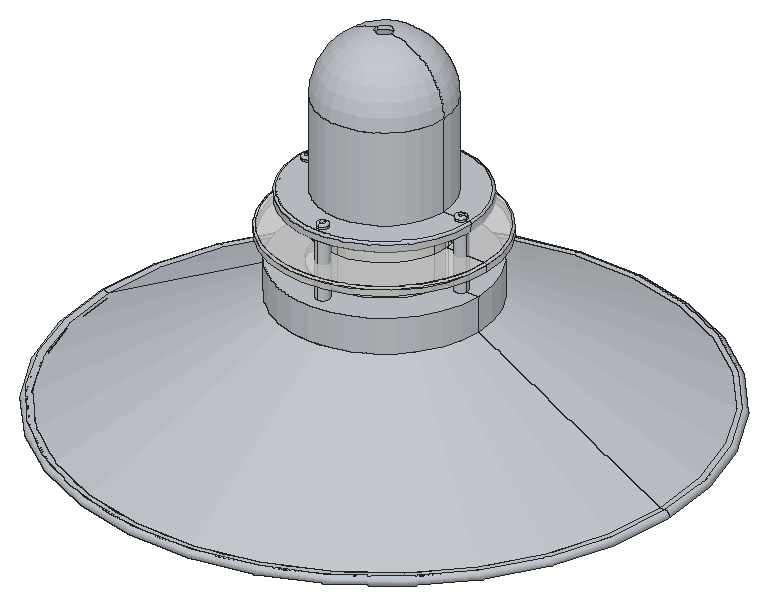
Revit family "UCP18 SHADE", category Lighting Fixtures, Revit 2024
Family settings
  Round Connector Dimension = Use Diameter
  Part Type = Normal
  OmniClass Number = 23.80.70.00
  OmniClass Title = Lighting
  Work Plane-Based = No
  Always vertical = Yes
  Cut with Voids When Loaded = No
  Light Source = Yes
  Maintain Annotation Orientation = No
  Shared = No
  Room Calculation Point = No
Parameters
  Wattage = 12.1178 W
  built-in parameter 1150110 = 1 (stored number, unit not read)
  built-in parameter 1114217 = 1 (stored number, unit not read)
  built-in parameter 1150109 = 1 (stored number, unit not read)
  built-in parameter 1150134 = (empty or 0)
  built-in parameter 1150113 = 1 (stored number, unit not read)
  Lumens = 1800 lm
  built-in parameter 1150115 = 1 (stored number, unit not read)
  built-in parameter 1150105 = 572.96 (stored number, unit not read)
  Light Source Symbol Size = 2' - 0"
  built-in parameter 1150137 = (empty or 0)
  built-in parameter 1150139 = (empty or 0)
  built-in parameter 1150112 = 1 (stored number, unit not read)
  built-in parameter 1150114 = 1 (stored number, unit not read)
  built-in parameter 1150132 = 2
  built-in parameter 1150102 = (empty or 0)
  built-in parameter 1150138 = (empty or 0)
  built-in parameter 1150107 = 3000 (stored number, unit not read)
  built-in parameter 1150106 = 5.7296 (stored number, unit not read)
  built-in parameter 1150104 = 13.8 (stored number, unit not read)
  Dimming Lamp Color Temperature Shift = (empty or 0)
  Default Elevation = 0' - 0"
  Color Filter = 16777215
  built-in parameter 1114218 = 1 (stored number, unit not read)
  built-in parameter 1150133 = 10 (stored number, unit not read)
Reference planes (in)
  plane 1 "Light Source Axis (F/B)": y = 0
  plane 2: z = 0
  plane 3 "Light Source Axis (L/R)": x = 0
  plane 4 "Light Source Elevation": z = 54
Forms (in)
  Revolve 1, solid
    sketch origin (0, 0, 0) x (1, 0, 0) y (0, 0, 1)
      loop
        line (-8.70492, 54.25) -> (-8.875, 54.25)
        arc (-8.875, 54.25) -> (-8.96503, 54.03828) -> (-8.75009, 54.12032) r 0.125
        line (-8.75009, 54.12032) -> (-2.90625, 57.19338) -> (-2.90625, 58.15625) -> (-1.96951, 58.15625) -> (-1.96951, 58.25) -> (-3, 58.25) -> (-3, 57.25) -> (-8.70492, 54.25)
      loop
        line (-3.25, 59.00286) -> (-3.15625, 59.00286) -> (-3.15625, 59.15911) -> (-1.96951, 59.15911) -> (-1.96951, 59.25286) -> (-3.1875, 59.25286)
        arc (-3.1875, 59.25286) -> (-3.23169, 59.23455) -> (-3.25, 59.19036) r 0.0625
        line (-3.25, 59.19036) -> (-3.25, 59.00286)
      loop
        line (-2.75, 60) -> (-2.65625, 60) -> (-2.65625, 60.15625) -> (-1.78125, 60.15625) -> (-1.78125, 62.875)
        arc (-1.78125, 62.875) -> (-1.34502, 64.04281) -> (-0.25, 64.63862) r 1.78125
        line (-0.25, 64.63862) -> (-0.25, 64.73326)
        arc (-0.25, 64.73326) -> (-1.41145, 64.10928) -> (-1.875, 62.875) r 1.875
        line (-1.875, 62.875) -> (-1.875, 60.25) -> (-2.6875, 60.25)
        arc (-2.6875, 60.25) -> (-2.73169, 60.23169) -> (-2.75, 60.1875) r 0.0625
        line (-2.75, 60.1875) -> (-2.75, 60)
      loop
        arc (-1.59997, 55.72497) -> (-1.13135, 54.59362) -> (0, 54.125) r 1.59997
        line (0, 54.125) -> (0, 54.21875)
        arc (0, 54.21875) -> (-1.06506, 54.65991) -> (-1.50622, 55.72497) r 1.50622
        line (-1.50622, 55.72497) -> (-1.50622, 60.12786) -> (-1.59997, 60.12786) -> (-1.59997, 55.72497)
      axis (0, 64.73326) -> (0, 54.12032)
    angle from 0 to 360
  Sweep 2, solid
    path origin (0, 0, 1.625) x (1, 0, 0) y (0, 0, 1)
      loop
        line (-2.42975, 56.625) -> (-2.42975, 58.53125)
    profile origin (-2.42975, 0, 59.20312) x (-1, 0, 0) y (0, -1, 0)
      loop
        circle (0, 0) r 0.1875
  Revolve 3, solid
    sketch origin (0, 0, 1.625) x (1, 0, 0) y (0, 0, 1)
      loop
        line (-2.42975, 58.625) -> (-2.42975, 58.742) -> (-2.52759, 58.742)
        arc (-2.52759, 58.742) -> (-2.56967, 58.72457) -> (-2.58711, 58.68248) r 0.05952
        line (-2.58711, 58.68248) -> (-2.58711, 58.625) -> (-2.42975, 58.625)
      axis (-2.42975, 58.742) -> (-2.42975, 58.625)
    angle from 0 to 360
  Sweep 4, solid
    path origin (0, 0, 1.625) x (0, -1, 0) y (0, 0, 1)
      loop
        line (-2.42975, 56.625) -> (-2.42975, 58.53125)
    profile origin (0, 2.42975, 59.20312) x (0, 1, 0) y (-1, 0, 0)
      loop
        circle (0, 0) r 0.1875
  Revolve 5, solid
    sketch origin (0, 0, 1.625) x (0, -1, 0) y (0, 0, 1)
      loop
        line (-2.42975, 58.625) -> (-2.42975, 58.742) -> (-2.52759, 58.742)
        arc (-2.52759, 58.742) -> (-2.56967, 58.72457) -> (-2.58711, 58.68248) r 0.05952
        line (-2.58711, 58.68248) -> (-2.58711, 58.625) -> (-2.42975, 58.625)
      axis (-2.42975, 58.742) -> (-2.42975, 58.625)
    angle from 0 to 360
  Sweep 6, solid
    path origin (0, 0, 1.625) x (0, 1, 0) y (0, 0, 1)
      loop
        line (-2.42975, 56.625) -> (-2.42975, 58.53125)
    profile origin (0, -2.42975, 59.20312) x (0, -1, 0) y (1, 0, 0)
      loop
        circle (0, 0) r 0.1875
  Revolve 7, solid
    sketch origin (0, 0, 1.625) x (0, 1, 0) y (0, 0, 1)
      loop
        line (-2.42975, 58.625) -> (-2.42975, 58.742) -> (-2.52759, 58.742)
        arc (-2.52759, 58.742) -> (-2.56967, 58.72457) -> (-2.58711, 58.68248) r 0.05952
        line (-2.58711, 58.68248) -> (-2.58711, 58.625) -> (-2.42975, 58.625)
      axis (-2.42975, 58.742) -> (-2.42975, 58.625)
    angle from 0 to 360
  Sweep 8, solid
    path origin (0, 0, 1.625) x (-1, 0, 0) y (0, 0, 1)
      loop
        line (-2.42975, 56.625) -> (-2.42975, 58.53125)
    profile origin (2.42975, 0, 59.20312) x (1, 0, 0) y (0, 1, 0)
      loop
        circle (0, 0) r 0.1875
  Revolve 9, solid
    sketch origin (0, 0, 1.625) x (-1, 0, 0) y (0, 0, 1)
      loop
        line (-2.42975, 58.625) -> (-2.42975, 58.742) -> (-2.52759, 58.742)
        arc (-2.52759, 58.742) -> (-2.56967, 58.72457) -> (-2.58711, 58.68248) r 0.05952
        line (-2.58711, 58.68248) -> (-2.58711, 58.625) -> (-2.42975, 58.625)
      axis (-2.42975, 58.742) -> (-2.42975, 58.625)
    angle from 0 to 360
Dimensions and locks (in)
  aligned and locked: plane 3 "Light Source Axis (L/R)" to imposter light
  aligned and locked: plane 1 "Light Source Axis (F/B)" to imposter light
  aligned and locked: plane 4 "Light Source Elevation" to imposter light
  aligned and locked: level to plane 2
